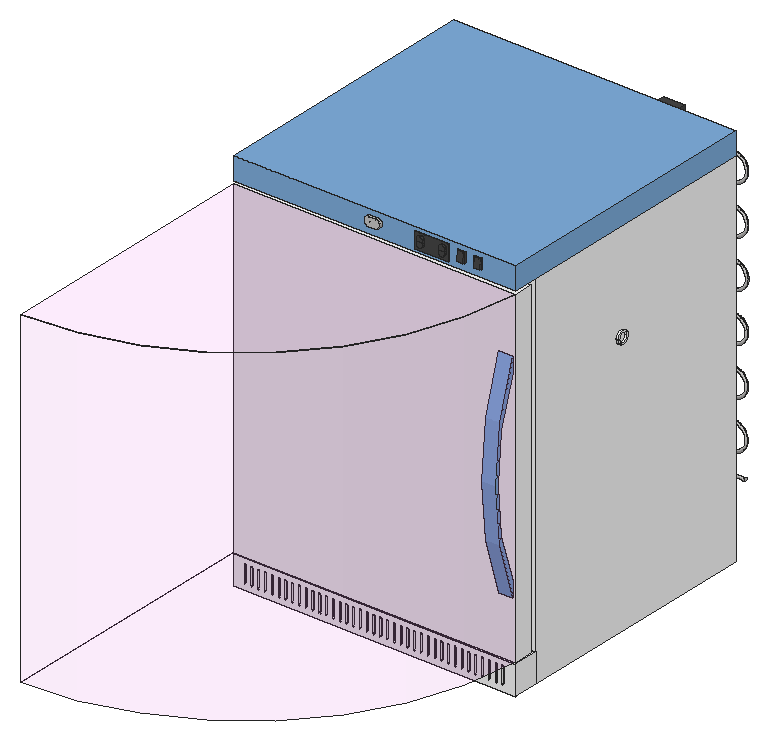
Revit family "QF_Summit_ARS6PV_Pharma_Vac_ADA_Compliant_All_Refrigerator", category Specialty Equipment, Revit 2020 (continued)
Automatic sketch dimensions
  Split face 5 sketch curve to Split face 5 sketch curve = 0.01975"
  Split face 5 sketch curve to Split face 5 sketch curve = 0.03754"
  Split face 5 sketch curve to Split face 5 sketch curve = 0"  (x5)
  Split face 5 sketch curve to Split face 5 sketch curve = 0.0171"
  Split face 5 sketch curve to Split face 5 sketch curve = 0.12547"
  Split face 5 sketch curve to Split face 5 sketch curve = 0.03468"
  Split face 6 sketch curve to Extrusion 2 = 0.84328"
  Split face 6 sketch curve to Extrusion 2 = 3.51723"
  Split face 7 sketch curve to Extrusion 2 = 0.83375"
  Split face 7 sketch curve to Extrusion 2 = 3.9256"
  Split face 7 sketch curve to Split face 7 sketch curve = 0.02781"
  Split face 7 sketch curve to Split face 7 sketch curve = 0.03195"
  Split face 7 sketch curve to Split face 7 sketch curve = 0.05651"
  Split face 7 sketch curve to Split face 7 sketch curve = 0.0705"
  Split face 7 sketch curve to Split face 7 sketch curve = 0.0326"
  Split face 7 sketch curve to Split face 7 sketch curve = 0.03942"
  Split face 7 sketch curve to Extrusion 2 = 0.47311"
  Split face 8 sketch curve to Extrusion 2 = 0.47576"
  Split face 8 sketch curve to Extrusion 2 = 4.45929"
  Split face 8 sketch curve to Split face 8 sketch curve = 0.03195"
  Split face 8 sketch curve to Split face 8 sketch curve = 0.03942"
  Split face 8 sketch curve to Split face 8 sketch curve = 0.06686"
  Split face 8 sketch curve to Split face 8 sketch curve = 0.06108"
  Split face 8 sketch curve to Split face 8 sketch curve = 0.00386"
  Split face 8 sketch curve to Split face 8 sketch curve = 0.0281"
  Split face 8 sketch curve to Split face 8 sketch curve = 0.03736"
  Split face 8 sketch curve to Split face 8 sketch curve = 0.01483"
  Split face 8 sketch curve to Split face 8 sketch curve = 0.04944"
  Split face 8 sketch curve to Split face 8 sketch curve = 0.07229"
  Split face 8 sketch curve to Split face 8 sketch curve = 0.07649"
  Split face 8 sketch curve to Split face 8 sketch curve = 0.16571"
  Split face 8 sketch curve to Split face 8 sketch curve = 0.11591"
  Split face 8 sketch curve to Split face 8 sketch curve = 0.09007"
  Split face 8 sketch curve to Split face 8 sketch curve = 0.05683"
  Split face 8 sketch curve to Split face 8 sketch curve = 0.18959"
  Split face 8 sketch curve to Split face 8 sketch curve = 0.02222"
  Split face 8 sketch curve to Split face 8 sketch curve = 0.0095"
  Split face 8 sketch curve to Split face 8 sketch curve = 0.02188"
  Split face 8 sketch curve to Split face 8 sketch curve = 0"
  Split face 8 sketch curve to Split face 8 sketch curve = 0.02021"
  Split face 8 sketch curve to Split face 8 sketch curve = 0.1054"
  Extrusion 16 sketch curve to Extrusion 4 = 0"  (x2)
  Extrusion 4 to Extrusion 16 sketch curve = 4 5/8"
  Extrusion 16 sketch curve to Extrusion 16 sketch curve = 1 1/4"
  Extrusion 4 to Extrusion 16 sketch curve = 13 5/8"
  Extrusion 16 sketch curve to Extrusion 16 sketch curve = 0"
  Extrusion 16 sketch curve to Extrusion 4 = 17.02423"
  Extrusion 16 sketch curve to Extrusion 16 sketch curve = 3.6186"
  Extrusion 17 sketch curve to Extrusion 1 = 1.88463"  (x3)
  Extrusion 17 sketch curve to Extrusion 1 = 1.81758"  (x3)
  Extrusion 1 to Extrusion 17 sketch curve = 1.12569"  (x2)
  Extrusion 17 sketch curve to Extrusion 17 sketch curve = 12"  (x2)
  Extrusion 1 to Extrusion 17 sketch curve = 6.74931"  (x2)
  plane 3 "LEFT" to Sweep 18 sketch curve = 1 53/256"
  plane 3 "LEFT" to Sweep 18 sketch curve = 1.2073"
  plane 3 "LEFT" to Sweep 18 sketch curve = 1.21089"
  plane 3 "LEFT" to Sweep 18 sketch curve = 1.2118"
  plane 3 "LEFT" to Sweep 18 sketch curve = 1.21204"
  plane 3 "LEFT" to Sweep 18 sketch curve = 1.24186"
  plane 4 "RIGHT" to Sweep 18 sketch curve = 1.33816"
  plane 4 "RIGHT" to Sweep 18 sketch curve = 1.32083"
  plane 4 "RIGHT" to Sweep 18 sketch curve = 1.3148"
  plane 4 "RIGHT" to Sweep 18 sketch curve = 1.30452"
  Sweep 18 sketch curve to plane 11 = 0.86025"
  plane 4 "RIGHT" to Sweep 18 sketch curve = 1.30415"
  plane 4 "RIGHT" to Sweep 18 sketch curve = 1.30371"
  Sweep 18 sketch curve to Sweep 18 sketch curve = 1"  (x12)
  plane 3 "LEFT" to Sweep 18 sketch curve = 0.19585"
  plane 4 "RIGHT" to Sweep 18 sketch curve = 0.30506"
  Sweep 18 sketch curve to profile plane = 3/32"
  plane 1 "BACK" to Sweep 18 sketch curve = 3/32"
  Extrusion 19 sketch curve to Extrusion 19 sketch curve = 0"  (x2)
  Extrusion 1 to Extrusion 19 sketch curve = 8 3/4"
  Extrusion 1 to Extrusion 19 sketch curve = 8 1/8"
  Extrusion 2 to Extrusion 20 sketch curve = 1/4"  (x2)
  Extrusion 20 sketch curve to Extrusion 2 = 6 3/4"
  Extrusion 20 sketch curve to Extrusion 20 sketch curve = 1 3/4"
  Extrusion 21 sketch curve to plane 4 "RIGHT" = 0"
  plane 5 "FRONT" to Extrusion 21 sketch curve = 0"
  plane 4 "RIGHT" to Extrusion 21 sketch curve = 0.03397"
  Extrusion 21 sketch curve to plane 3 "LEFT" = 0.00144"
  Extrusion 21 sketch curve to plane 13 = 0.86036"
  Split face 9 sketch curve to Extrusion 2 = 0.77404"
  Split face 9 sketch curve to Extrusion 2 = 2.1833"
  Split face 9 sketch curve to Split face 9 sketch curve = 0.00447"
  Split face 9 sketch curve to Split face 9 sketch curve = 0.02913"
  Split face 9 sketch curve to Split face 9 sketch curve = 0.06885"
  Split face 9 sketch curve to Split face 9 sketch curve = 0.05632"
  Split face 9 sketch curve to Split face 9 sketch curve = 0.04342"
  Split face 9 sketch curve to Split face 9 sketch curve = 0.04721"
  Split face 9 sketch curve to Split face 9 sketch curve = 0.049"
  Split face 9 sketch curve to Split face 9 sketch curve = 0.02401"
  Split face 9 sketch curve to Split face 9 sketch curve = 0.00357"
  Split face 9 sketch curve to Split face 9 sketch curve = 0.00602"
  Split face 9 sketch curve to Split face 9 sketch curve = 0.03286"
  Split face 9 sketch curve to Split face 9 sketch curve = 0.00635"
  Split face 9 sketch curve to Split face 9 sketch curve = 0.04385"
  Split face 9 sketch curve to Split face 9 sketch curve = 0.03341"
  Split face 9 sketch curve to Split face 9 sketch curve = 0.02357"
  Split face 9 sketch curve to Split face 9 sketch curve = 0.02858"
  Split face 9 sketch curve to Split face 9 sketch curve = 0.04277"
  Split face 9 sketch curve to Split face 9 sketch curve = 0.00063"
  Split face 9 sketch curve to Split face 9 sketch curve = 0.02096"
  Split face 9 sketch curve to Split face 9 sketch curve = 0.02263"
  Split face 9 sketch curve to Split face 9 sketch curve = 0.02829"
  Split face 9 sketch curve to Split face 9 sketch curve = 0.05231"
  Split face 9 sketch curve to Split face 9 sketch curve = 0.02169"
  Split face 9 sketch curve to Split face 9 sketch curve = 0.02759"
  Split face 9 sketch curve to Split face 9 sketch curve = 0.00044"
  Split face 9 sketch curve to Split face 9 sketch curve = 0.05698"
  Split face 9 sketch curve to Split face 9 sketch curve = 0.02956"
  Split face 9 sketch curve to Split face 9 sketch curve = 0.01975"
  Split face 9 sketch curve to Split face 9 sketch curve = 0.03754"
  Split face 9 sketch curve to Split face 9 sketch curve = 0"  (x5)
  Split face 9 sketch curve to Split face 9 sketch curve = 0.0171"
  Split face 9 sketch curve to Split face 9 sketch curve = 0.12547"
  Split face 9 sketch curve to Split face 9 sketch curve = 0.03468"
  Extrusion 15 to Split face 10 sketch curve = 0.01468"
  Extrusion 15 to Split face 10 sketch curve = 0.18593"
  Extrusion 22 sketch curve to Extrusion 1 = 0"  (x3)
  Extrusion 22 sketch curve to Extrusion 1 = 1/16"
  Extrusion 1 to Extrusion 22 sketch curve = 1/16"  (x2)
  Extrusion 22 sketch curve to Extrusion 22 sketch curve = 2 1/4"
  Extrusion 22 sketch curve to Extrusion 22 sketch curve = 1/16"
  Extrusion 23 sketch curve to Extrusion 22 = 0"  (x4)
  Extrusion 22 to Extrusion 23 sketch curve = 27/32"
  Extrusion 23 sketch curve to Extrusion 23 sketch curve = 3/32"  (x39)
  Extrusion 23 sketch curve to Extrusion 23 sketch curve = 3/8"  (x38)
  Extrusion 22 to Extrusion 23 sketch curve = 13/32"  (x39)
  Extrusion 22 to Extrusion 23 sketch curve = 17/32"  (x38)
  Extrusion 23 sketch curve to Extrusion 23 sketch curve = 0"
  Split face 11 sketch curve to Extrusion 2 = 0.83997"
  Split face 11 sketch curve to Extrusion 2 = 3.64781"
  Split face 11 sketch curve to Split face 11 sketch curve = 0.06553"  (x2)
  Split face 11 sketch curve to Extrusion 2 = 0.92487"
  Split face 11 sketch curve to Extrusion 2 = 0.76415"
  Split face 11 sketch curve to Split face 11 sketch curve = 0.06283"
  Split face 11 sketch curve to Extrusion 2 = 0.91058"
  Split face 11 sketch curve to Split face 11 sketch curve = 0.06491"
  Split face 11 sketch curve to Split face 11 sketch curve = 0.06473"
  Split face 11 sketch curve to Extrusion 2 = 0.7991"
  Split face 11 sketch curve to Split face 11 sketch curve = 0.06777"
  Split face 11 sketch curve to Extrusion 2 = 0.7276"
  Split face 11 sketch curve to Split face 11 sketch curve = 0.00013"
  Split face 11 sketch curve to Extrusion 2 = 0.83901"
  Split face 11 sketch curve to Split face 11 sketch curve = 0.06536"
  Split face 11 sketch curve to Split face 11 sketch curve = 0.03835"
  Split face 11 sketch curve to Split face 11 sketch curve = 0.03528"
  Split face 11 sketch curve to Split face 11 sketch curve = 0.03387"
  Split face 11 sketch curve to Split face 11 sketch curve = 0.07234"
  Split face 11 sketch curve to Split face 11 sketch curve = 0.07543"
  Split face 12 sketch curve to Extrusion 2 = 0.69981"
  Split face 12 sketch curve to Extrusion 2 = 4.22664"
  Split face 12 sketch curve to Split face 12 sketch curve = 0.1447"
  Extrusion 24 sketch curve to plane 5 "FRONT" = 0"  (x2)
  Extrusion 24 sketch curve to plane 11 = 4 7/8"
  Extrusion 24 sketch curve to Extrusion 24 sketch curve = 1 1/4"
  Extrusion 24 sketch curve to plane 12 = 4.22577"
  level to Extrusion 24 sketch curve = 16 3/4"
  Extrusion 24 sketch curve to plane 12 = 0.60717"
  Extrusion 24 sketch curve to Extrusion 24 sketch curve = 0"
  Extrusion 25 sketch curve to plane 3 "LEFT" = 0"
  plane 5 "FRONT" to Extrusion 25 sketch curve = 0"
  Extrusion 25 sketch curve to plane 3 "LEFT" = 0.03397"
  plane 4 "RIGHT" to Extrusion 25 sketch curve = 0.00144"
  plane 13 to Extrusion 25 sketch curve = 0.86036"
  radius of Extrusion 5 sketch curve = 1/4"
  radius of Split face 6 sketch curve = 0.26828"
  radius of Extrusion 17 sketch curve = 1/4"  (x6)
  radius of Sweep 18 sketch curve = 3/32"
  radius of Extrusion 19 sketch curve = 1/2"
  radius of Extrusion 19 sketch curve = 13/32"
  radius of Split face 10 sketch curve = 0.18692"
Connectors (in)
  electrical at (20.85407, -1.4375, 3.45918), driven by "Volts"
    settings: on Extrusion 5, index 1, voltage 115 V, apparent load 0 VA, apparent load phase1 0 VA, apparent load phase2 0 VA, apparent load phase3 0 VA, power factor 1, load classification "Other", number of poles 1, system type 30, power factor state 1, is connector primary yes, connector utility no, sub classification motor no, connector description "Electrical Connection"
